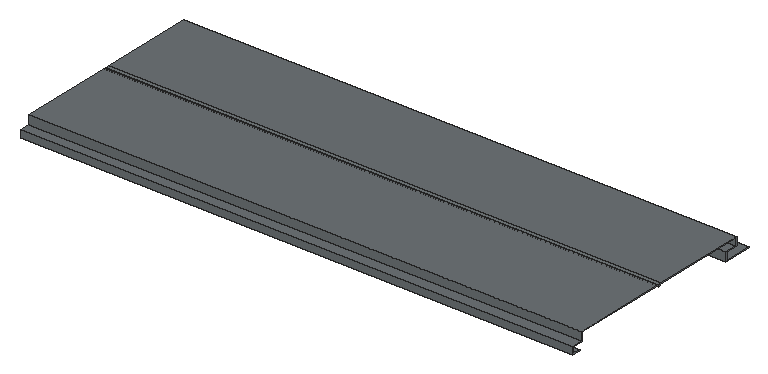
Revit family "BIMLIB_СайдингМеталлическийВертикальLine_GRANDLINE", category Обобщенные модели, Revit 2017
Family settings
  Может служить основой для арматурных стержней = Нет
  Размер круглого соединителя = Использовать диаметр
  Тип детали = Нормальный
  При загрузке вырезать с полостями = Нет
  Общий = Нет
  Точка расчета площади = Нет
Parameters (values of type "Вертикаль Line")
  Смещение от плоскости [instance] = 0 mm
  Описание = ADSK_Наименование  # "Металлический cайдинг Вертикаль Line"
  Изготовитель = "Grand Line"  # constant formula
  built-in parameter 1001306 [instance] = 500 mm
  Watermark [instance] = "Модели защищены уникальным кодом"
  URL = "https://www.grandline.ru"
  BL_Разработано = "support@bimlib.pro"
  BL_Email = "info@grandline.ru"
  BL_BIM library = "https://bimlib.pro/manufacturer/company/22430"
  ADSK_Размер_Ширина = 175.5 mm
  ADSK_Размер_Длина [instance] = [built-in parameter 1001306]  # 500 mm
  ADSK_Обозначение = "ГОСТ 19904-90, ГОСТ 14918-80"
  ADSK_Наименование = "Металлический cайдинг Вертикаль Line"
  ADSK_Материал тип подсчета = 2  # constant formula
  ADSK_Материал = GL_Drap_RAL7016
  ADSK_Масса_Текст [instance] = ""
  ADSK_Масса [instance] = 0
  ADSK_Марка = ""
  ADSK_Количество [instance] = if(ADSK_Материал тип подсчета = 0, 1, if(ADSK_Материал тип подсчета = 1, ADSK_Размер_Длина / 1000 mm, if(ADSK_Материал тип подсчета = 2, ADSK_Размер_Длина * ADSK_Размер_Ширина / 1.00 m², 0)))  # 0.08775
  ADSK_Код изделия = "М.09-08.04"  # constant formula
  ADSK_Завод-изготовитель = "Grand Line"  # constant formula
  ADSK_Единица измерения = "м2"  # constant formula
  ADSK_Группирование = "Сайдинг"  # constant formula
  ADSK_Версия Revit = "2017"  # constant formula
  ADSK_URL страницы изделия = "https://www.grandline.ru/shop/fasad/metallicheskij-sajding/vertikal-grand-line/"
  ADSK_URL документации изделия = "https://www.grandline.ru/shop/fasad/metallicheskij-sajding/vertikal-grand-line/tehnicheskaya-dokumentaciya/#techdoc"
Reference planes
  plane 1 "По центру (Вперед/Назад)": y = 0
  plane 2: z = 0
  plane 3 "Слева": x = 0
  plane 4 "Справа": x = 500
  plane 5: y = 174.5
Forms (mm)
  Sweep 1, solid, material "GL_Drap_RAL7016" <- "ADSK_Материал"
    path in 3D
      loop
        line (0, 0, 0) -> (500, 0, 0)
    profile "Профиль_СайдингМеталлическийВертикальLine : Профиль_СайдингМеталлическийВертикальLine" origin (250, 0, 0) x (0, 1, 0) y (0, 0, 1)
      loop
        line (0, 1) -> (8, 1) -> (8, 1.8) -> (0.8, 1.8) -> (0.8, 6.7) -> (10.8, 6.7) -> (10.8, 14.7) -> (96.2, 14.7) -> (98.2, 12.7) -> (100.2, 14.7) -> (184.7, 14.7) -> (184.7, 8.3) -> (173.7, 8.3) -> (173.7, 0) -> (199, 0) -> (199, 0.8) -> (174.5, 0.8) -> (174.5, 7.5) -> (185.5, 7.5) -> (185.5, 15.5) -> (99.869, 15.5) -> (98.2, 13.831) -> (96.531, 15.5) -> (10, 15.5) -> (10, 7.5) -> (0, 7.5) -> (0, 1)
Lines and regions (mm)
  reference lines
    curve 1: line (0, 0, 0) -> (500, 0, 0)
  sketch lines
    curve 2: line (0, 0, 0) -> (500, 0, 0)
Dimensions and locks
  "built-in parameter 1001306": plane 3 "Слева" to plane 4 "Справа"
  aligned and locked: plane 4 "Справа" to curve 1
  aligned and locked: plane 1 "По центру (Вперед/Назад)" to curve 1
  aligned and locked: plane 3 "Слева" to curve 1
  aligned and locked: level to plane 2
